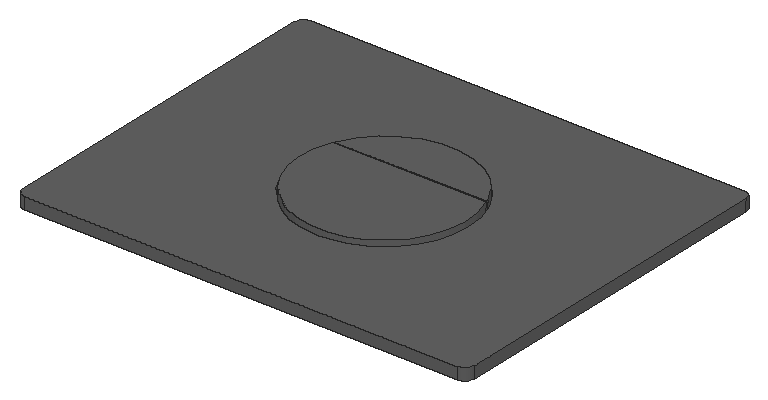
Revit family "Grohe_FlushPlate_NovaCosmopolitan_38765KF0", category Plumbing Fixtures, host Face, Revit 2020
Family settings
  Host = Face
  Round Connector Dimension = Use Diameter
  Part Type = Normal
  OmniClass Number = 23.45.05.00
  OmniClass Title = Sanitary Equipment
  Cut with Voids When Loaded = No
  Shared = No
  Room Calculation Point = No
Parameters (values of type "NOVA COSMOPOLITAN Flush Plate (38765KF0)")
  _ObjectUserGuide = "https://www.bimstore.co/products/grohe-38765kf0/document/object-user-guide"
  _DistributedBy = "https://www.bimstore.co/"
  _CurrentRevision = 1
  _CreatedBy = "https://www.bimstore.co/"
  _BimSpecGuid = 0
  _BSBibleVersion = 17
  _AuthorizedBy = "bimstore"
  _Author = "SM 182"
  WarrantyStartDate [instance] = "Please Record on Commissioning"
  WarrantyGuarantorParts = "https://www.grohe.co.uk"
  WarrantyGuarantorLabor = "https://www.grohe.co.uk"
  WarrantyDurationUnit = "Years"
  WarrantyDurationParts = "0"
  WarrantyDurationLabor = "0"
  WarrantyDescription = "n/a"
  URL = "https://www.grohe.co.uk/"
  TypeName = "NOVA COSMOPOLITAN Flush Plate (38765KF0)"
  Type Comments = "NOVA COSMOPOLITAN Flush Plate (38765KF0)"
  TPIDocumentLink = "https://cdn.cloud.grohe.com/tpi/2000/2200/2210/2211/2211184/original/2211184.pdf"
  SustainabilityReport = "green.grohe.com/reporting"
  SustainabilityAward = "green.grohe.com/awards"
  SpareParts = "info-uk@grohe.com"
  Size = "n/a"
  Shape = "n/a"
  SerialNumber [instance] = "Please Record on Commissioning"
  ReplacementCost = "n/a"
  ReferencedStandard = "n/a"
  ProductionYear = "2024"
  ProductType = "XXX"
  ProductShortText = "Flush plate"
  ProductNumber = "38765KF0"
  ProductDescription = "for dual flush or start & stop actuation\r\n\r\nfor pneumatic discharge valve AV1\r\n\r\nvertical and horizontal installation\r\n\r\n156 x 197 mm\r\n\r\nmade of ABS\r\n\r\nGROHE Long-Life finish\r\n\r\nGROHE Water Saving - Less water, perfect flow\r\n\r\nfor combination with Rapid SL and Uniset with GD 2 cistern\r\n\r\nfor use with Rapid SLX please order shaft 66 791 000 (sold separately)"
  PrimaryMaterial = Grohe_PhantomBlack
  PQDiagramLink = ""
  NominalLength = 0 mm
  NominalHeight = 0 mm
  NominalDepth = 0 mm
  NBSReference = "90-15-35/470"
  NBSOfficeMasterTag = "n/a"
  NBSObjectName = "Grohe - Flush Control Devices"
  NBSNote = "n/a"
  NBSDescription = "Flush Control Devices"
  ModelReference = "Flush plate"
  ModelNumber = "38765KF0"
  Model = "38765KF0"
  Material = "n/a"
  ManufacturerName = "Grohe"
  Manufacturer = "Grohe"
  Keynote = "N13"
  InstallationVideo = ""
  InstallationDate [instance] = "Please Record on Commissioning"
  IfcExportType = "IfcValveTypeEnum.FLUSHING"
  IfcExportAs = "IfcValve"
  Grade = "n/a"
  GROHESustainability = "green.grohe.com"
  GROHESocialCommittment = "green.grohe.com/social_engagement"
  FullRecyclabilityOfPlastic = "All plastic components are fully recycable"
  Finish = "n/a"
  Features = "n/a"
  ExpectedLife = 0
  Ecojoy = no
  EF023752 = "true"
  EF023751 = "true"
  EF020828 = "true"
  EF020827 = "true"
  EF010109 = "false"
  EF006949 = "Pneumatic"
  EF006331 = "false"
  EF002169 = "Plastic"
  EF002147 = "Two button"
  EF001438 = "197"
  EF000040 = "11"
  EF000008 = "156"
  EF000007 = "Black"
  DurationUnit = "Years"
  DocumentationTechnical = "https://www.bimstore.co/products/grohe-38765kf0/document/object-user-guide"
  DocumentationMaintenance = "https://www.bimstore.co/products/grohe-38765kf0/document/maintenance-information"
  DocumentationLiterature = "https://www.bimstore.co/products/grohe-38765kf0/document/product-literature"
  DocumentationInstallationGuide = "https://www.bimstore.co/products/grohe-38765kf0/document/installation-guide"
  DocumentationCertificates = "https://www.bimstore.co/products/grohe-38765kf0/document/product-certificates"
  DimensionsDocumentLink = "https://cdn.cloud.grohe.com/dimdraw/1000/1200/1270/1271/1271319/1280/1271319.jpg"
  Description = "for dual flush or start & stop actuation\r\n\r\nfor pneumatic discharge valve AV1\r\n\r\nvertical and horizontal installation\r\n\r\n156 x 197 mm\r\n\r\nmade of ABS\r\n\r\nGROHE Long-Life finish\r\n\r\nGROHE Water Saving - Less water, perfect flow\r\n\r\nfor combination with Rapid SL and Uniset with GD 2 cistern\r\n\r\nfor use with Rapid SLX please order shaft 66 791 000 (sold separately)"
  Default Elevation = 0 mm
  CreatedOn = "2024-04-16T:09:00:00"
  CreatedBy = "info-uk@grohe.com"
  CradleToCradleCertification = "N/A"
  Cost = 0
  Constituents = "n/a"
  Color = "Black"
  CodePerformance = "n/a"
  ClassificationValue = "Pr_75_50_46_31"
  ClassificationName = "Uniclass2015"
  CO2NeutralProduction = "GROHE is one of the first leading manufacturer within the sanitary industry having a CO2-neutral production."
  BarCode [instance] = "Please Record on Commissioning"
  BIMObjectName = "Grohe_FlushPlate_NovaCosmopolitan_38765KF0"
  AssetType = "Fixed"
  AssetIdentifier [instance] = "n/a"
  Assembly Code = "D2010"
  AccessibilityPerformance = "n/a"
Reference planes
  plane 1 "Center (Front/Back)": y = 0
  plane 2: z = 0
  plane 3 "Center (Left/Right)": x = 0
Forms (mm)
  Extrusion 1, solid, material "Grohe_PhantomBlack" <- "PrimaryMaterial"
    sketch origin (0, 0, 0) x (1, 0, 0) y (0, 1, 0)
      loop
        arc (-94.5, 78) -> (-97.328, 76.828) -> (-98.5, 74) r 4
        line (-98.5, 74) -> (-98.5, -74)
        arc (-98.5, -74) -> (-97.328, -76.828) -> (-94.5, -78) r 4
        line (-94.5, -78) -> (94.5, -78)
        arc (94.5, -78) -> (97.328, -76.828) -> (98.5, -74) r 4
        line (98.5, -74) -> (98.5, 74)
        arc (98.5, 74) -> (97.328, 76.828) -> (94.5, 78) r 4
        line (94.5, 78) -> (-94.5, 78)
      loop
        circle (0, 0) r 37
    from 0 to 5.093
  Extrusion 2, solid, material "Grohe_PhantomBlack" <- "PrimaryMaterial"
    sketch origin (0, 0, 0) x (1, 0, 0) y (0, 1, 0)
      loop
        arc (-33.704, 13.48) -> (-0.004, -36.3) -> (33.707, 13.473) r 36.3
        arc (33.707, 13.473) -> (33.457, 13.783) -> (33.076, 13.9) r 0.68
        line (33.076, 13.9) -> (-33.084, 13.9)
        arc (-33.084, 13.9) -> (-33.459, 13.785) -> (-33.704, 13.48) r 0.668
      loop
        arc (33.008, 15.106) -> (0.009, 36.3) -> (-33, 15.122) r 36.3
        arc (-33, 15.122) -> (-32.971, 14.702) -> (-32.601, 14.5) r 0.439
        line (-32.601, 14.5) -> (32.619, 14.5)
        arc (32.619, 14.5) -> (32.979, 14.697) -> (33.008, 15.106) r 0.428
    from 0 to 7.36
Dimensions and locks
  aligned and locked: plane 2 to host face
  aligned and locked: level to host face
